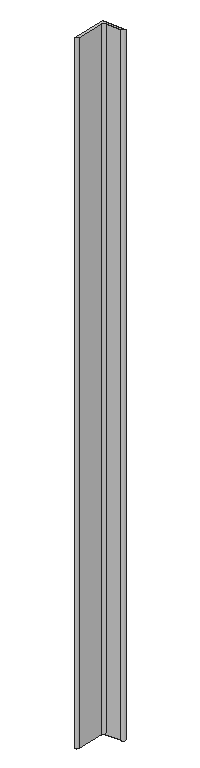
Revit family "d8b4184744dc41498c0cbf5a26523729", category Structural Columns, Revit 2021
Family settings
  Section Shape = Not Defined
  Material for Model Behavior = Steel
  Always export as geometry = No
  Beam cutback in plan = From bounding box
  Cut with Voids When Loaded = No
  Symbolic Representation = From Project Settings
  Shared = No
  Show family pre-cut in plan views = Yes
Parameters (values of type "L6x4x1/2")
  y = 0' - 1 251/256"
  x = 0' - 0 251/256"
  k = 0' - 1"
  W = 16.2
  Structural Material [instance] = Steel ASTM A36
  Assembly Code = "B10"
  b = 0' - 4"
  d = 0' - 6"
  t = 0' - 0 1/2"
  A = 4.75 in²
Reference planes (in)
  plane 1: y = 0
  plane 2: z = 0
  plane 3: x = 0
  plane 4: x = 3.01953
  plane 5: y = 1.98047
  plane 6: y = -4.01953
  plane 7: x = -0.98047
  plane 8: y = 1.48047
  plane 9: x = -0.48047
Forms (in)
  Extrusion 1, solid, material "Steel ASTM A36" <- "Structural Material", detail levels medium
    sketch origin (0, 0, 0) x (1, 0, 0) y (0, 1, 0)
      loop
        line (-0.98047, 1.98047) -> (-0.98047, -4.01953) -> (-0.48047, -4.01953) -> (-0.48047, 1.48047) -> (3.01953, 1.48047) -> (3.01953, 1.98047) -> (-0.98047, 1.98047)
    from 0 to 108
  Extrusion 2, solid, material "Steel ASTM A36" <- "Structural Material", detail levels fine
    sketch origin (0, 0, 0) x (1, 0, 0) y (0, 1, 0)
      loop
        line (-0.98047, 1.98047) -> (-0.98047, -4.01953)
        arc (-0.98047, -4.01953) -> (-0.62692, -3.87308) -> (-0.48047, -3.51953) r 0.5
        line (-0.48047, -3.51953) -> (-0.48047, 0.98047)
        arc (-0.48047, 0.98047) -> (-0.33402, 1.33402) -> (0.01953, 1.48047) r 0.5
        line (0.01953, 1.48047) -> (2.51953, 1.48047)
        arc (2.51953, 1.48047) -> (2.87308, 1.62692) -> (3.01953, 1.98047) r 0.5
        line (3.01953, 1.98047) -> (-0.98047, 1.98047)
    from 0 to 108
Lines and regions (in)
  symbolic lines, style "Hidden Faces", detail levels medium+fine
    curve 1: line (-0.48047, 0, 108) -> (-0.48047, 0, 0)
    curve 2: line (-0.98047, 1.48047, 0) -> (-0.98047, 1.48047, 108)
  symbolic lines, style "StructuralColumnStickSymbols", detail levels coarse
    curve 3: line (3.01953, 1.98047, 0) -> (-0.98047, 1.98047, 0)
    curve 4: line (-0.98047, 1.98047, 0) -> (-0.98047, -4.01953, 0)
Dimensions and locks (in)
  "d": plane 6 to plane 5
  "b": plane 7 to plane 4
  "t": plane 5 to plane 8
  "x": plane 7 to plane 3
  "t": plane 7 to plane 9
  "y": plane 1 to plane 5
  "t": radius of Extrusion 2 sketch curve  (x3)
  aligned and locked: level to plane 2
  aligned and locked: level to curve 1
  aligned and locked: plane 9 to curve 1
  aligned and locked: curve 2 to plane 8
  aligned and locked: level to curve 2
  aligned and locked: plane 2 to curve 2
  aligned and locked: plane 5 to Extrusion 1 sketch curve
  aligned and locked: plane 4 to Extrusion 1 sketch curve
  aligned and locked: plane 8 to Extrusion 1 sketch curve
  aligned and locked: Extrusion 1 sketch curve to plane 7
  aligned and locked: plane 9 to Extrusion 1 sketch curve
  aligned and locked: Extrusion 1 sketch curve to plane 6
  aligned and locked: plane 5 to Extrusion 2 sketch curve
  aligned and locked: plane 8 to Extrusion 2 sketch curve
  aligned and locked: Extrusion 2 sketch curve to plane 7
  aligned and locked: plane 9 to Extrusion 2 sketch curve
  aligned and locked: Extrusion 1 to plane 2
  aligned and locked: Extrusion 2 to plane 2
  aligned and locked: level to Extrusion 1
  aligned and locked: level to Extrusion 2
  aligned and locked: plane 2 to curve 1
  aligned and locked: plane 4 to curve 3
  aligned and locked: plane 6 to curve 4
  aligned and locked: plane 7 to curve 4
  aligned and locked: curve 3 to plane 5
Automatic sketch dimensions
  Extrusion 2 sketch curve to plane 6 = 0' - 0"  (x2)
  Extrusion 2 sketch curve to plane 4 = 0' - 0"
